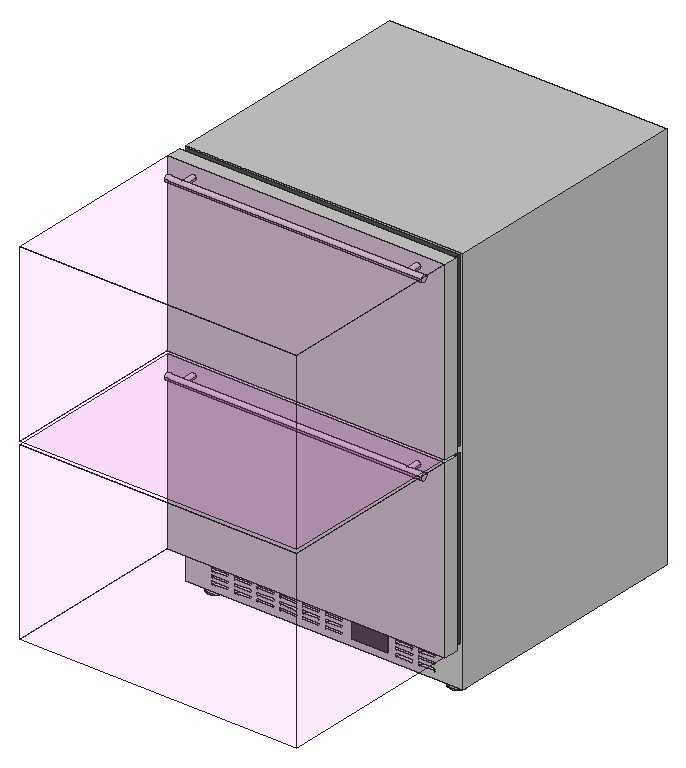
Revit family "Qf_Summit_SPR627OS2D_24 inches Wide 2-Drawer All-Refrigerator", category Specialty Equipment, Revit 2020
Family settings
  Round Connector Dimension = Use Diameter
  Part Type = Normal
  Work Plane-Based = No
  Always vertical = Yes
  Cut with Voids When Loaded = No
  Shared = No
  Room Calculation Point = No
Parameters
  Weight in Pounds = 106
  Watts = 0 W
  Volts = 115 V
  URL Cutsheet = ""
  Specification by User = ""
  Specification by Manufacturer = ""
  Show Clearance [instance] = yes
  Serial Number = ""
  Seismic Rating = ""
  SMACNA No = ""
  Revision Code = ""
  Refrigerant Volume = 0.00 kip
  Refrigerant Type = "R600a"
  Phase = 1
  Number of Poles = 1
  NAFEM Spec ID Number = ""
  Model = "SPR627OS2D"
  Min Ckt Ampacity = 0 A
  Max Overcurrent Protection = 0 A
  Masterspec = ""
  Manufacturer = "Summit"
  Length = 23 5/8"
  Item Number = ""
  Installed By = ""
  Identify Quantity as Lot = yes
  Height = 34"
  HP = ""
  Furnished By = ""
  Foodservice Equipment Identifier = yes
  FL Amps = 0.8 A
  Electrical Remarks = ""
  Electric Connection Type = ""
  Elec Conn RI Height = 0"
  Elec Conn Connection Height = 0"
  Description = "24\" Wide 2-Drawer All-Refrigerator"
  Depth = 23 5/8"
  Default Elevation = 0"
  Cycle = 60 Hz
  Conn Plug = ""
  Conn Conduit = yes
  CSI MasterFormat = ""
  Apparent Power = if(Phase = 3, Volts * FL Amps * 1.73, Volts * FL Amps)  # 92 VA
Reference planes (in)
  plane 1: z = 0
  plane 2 "LEFT": x = 0
  plane 3 "RIGHT": x = 23.625
  plane 4 "FRONT": y = -24.375
  plane 5 "TOP": z = 34
  plane 6 "Center Y": x = 11.8125
  plane 7 "Center X": y = -12.5625
  plane 8 "BACK": y = -0.75
  plane 9: z = 0.75
  plane 10: z = 4
  plane 11: z = 18.875
  plane 12: z = 19.125
  plane 13: y = -22.5
  plane 14: y = -25.75
  plane 15: y = -25.25
  plane 16: z = 33.375
  plane 17: y = -40.125
  plane 18: y = -38.875
Forms (in)
  Extrusion 1, solid, material "QF_Metal_Stainless_Polished"
    sketch origin (22.75, 0, -0.25) x (0, 1, 0) y (0, 0, 1)
      loop
        circle (-25.5, 33.375) r 0.25
    from -21.875 to 0
  Extrusion 2, solid, material "QF_Metal_Stainless_Polished"
    sketch origin (0, -0.75, 0) x (1, 0, 0) y (0, 0, 1)
      loop
        circle (2.1875, 33.125) r 0.21875
      loop
        circle (21.3125, 33.125) r 0.21875
    from 23.625 to 24.77676
  Extrusion 3, solid, material "QF_Metal_Stainless_Polished"
    sketch origin (22.75, 0, -15.375) x (0, 1, 0) y (0, 0, 1)
      loop
        circle (-25.5, 33.375) r 0.25
    from -21.875 to 0
  Extrusion 4, solid, material "QF_Metal_Stainless_Polished"
    sketch origin (0, -0.75, -15.125) x (1, 0, 0) y (0, 0, 1)
      loop
        circle (2.1875, 33.125) r 0.21705
      loop
        circle (21.3125, 33.125) r 0.21875
    from 23.625 to 24.76489
  Extrusion 5, solid, material "QF_Metal_Stainless_Polished"
    sketch origin (0, 0, 0) x (1, 0, 0) y (0, 1, 0)
      loop
        line (0, -0.75) -> (0, -22.5) -> (23.625, -22.5) -> (23.625, -0.75) -> (0, -0.75)
    from 0.75 to 34
  Extrusion 6, solid, material "QF_Plastic - Black - Matte"
    sketch origin (0, 0, 0) x (1, 0, 0) y (0, 1, 0)
      loop
        line (0.25, -22.5) -> (0.25, -23.125) -> (23.375, -23.125) -> (23.375, -22.5) -> (0.25, -22.5)
    from 4.15376 to 18.767
  Extrusion 7, solid, material "QF_Metal_Stainless_Polished"
    sketch origin (0, 0, 0) x (1, 0, 0) y (0, 1, 0)
      loop
        line (23.625, -23.125) -> (0, -23.125) -> (0, -24.375) -> (23.625, -24.375) -> (23.625, -23.125)
    from 19.125 to 34
  Extrusion 8, solid, material "QF_Metal_Stainless_Polished"
    sketch origin (0, 0, -18.375) x (1, 0, 0) y (0, 1, 0)
      loop
        line (23.625, -23.125) -> (0, -23.125) -> (0, -24.375) -> (23.625, -24.375) -> (23.625, -23.125)
    from 22.375 to 37.25
  Extrusion 9, solid, material "QF_Plastic - Black - Matte"
    sketch origin (0, 0, 15.125) x (1, 0, 0) y (0, 1, 0)
      loop
        line (0.25, -22.5) -> (0.25, -23.125) -> (23.375, -23.125) -> (23.375, -22.5) -> (0.25, -22.5)
    from 4.13433 to 18.767
  Extrusion 10, void
    sketch origin (23.625, -22.5, 0) x (1, 0, 0) y (0, 0, -1)
      loop
        line (-21.25, -3.5625) -> (-20, -3.5625)
        arc (-20, -3.5625) -> (-19.875, -3.4375) -> (-20, -3.3125) r 0.125
        line (-20, -3.3125) -> (-21.25, -3.3125)
        arc (-21.25, -3.3125) -> (-21.375, -3.4375) -> (-21.25, -3.5625) r 0.125
      loop
        line (-21.25, -3.0625) -> (-20, -3.0625)
        arc (-20, -3.0625) -> (-19.875, -2.9375) -> (-20, -2.8125) r 0.125
        line (-20, -2.8125) -> (-21.25, -2.8125)
        arc (-21.25, -2.8125) -> (-21.375, -2.9375) -> (-21.25, -3.0625) r 0.125
      loop
        line (-21.25, -2.5625) -> (-20, -2.5625)
        arc (-20, -2.5625) -> (-19.875, -2.4375) -> (-20, -2.3125) r 0.125
        line (-20, -2.3125) -> (-21.25, -2.3125)
        arc (-21.25, -2.3125) -> (-21.375, -2.4375) -> (-21.25, -2.5625) r 0.125
      loop
        line (-21.25, -2.0625) -> (-20, -2.0625)
        arc (-20, -2.0625) -> (-19.875, -1.9375) -> (-20, -1.8125) r 0.125
        line (-20, -1.8125) -> (-21.25, -1.8125)
        arc (-21.25, -1.8125) -> (-21.375, -1.9375) -> (-21.25, -2.0625) r 0.125
      loop
        line (-21.25, -1.5625) -> (-20, -1.5625)
        arc (-20, -1.5625) -> (-19.875, -1.4375) -> (-20, -1.3125) r 0.125
        line (-20, -1.3125) -> (-21.25, -1.3125)
        arc (-21.25, -1.3125) -> (-21.375, -1.4375) -> (-21.25, -1.5625) r 0.125
      loop
        line (-19.3125, -3.5625) -> (-18.0625, -3.5625)
        arc (-18.0625, -3.5625) -> (-17.9375, -3.4375) -> (-18.0625, -3.3125) r 0.125
        line (-18.0625, -3.3125) -> (-19.3125, -3.3125)
        arc (-19.3125, -3.3125) -> (-19.4375, -3.4375) -> (-19.3125, -3.5625) r 0.125
      loop
        line (-19.3125, -3.0625) -> (-18.0625, -3.0625)
        arc (-18.0625, -3.0625) -> (-17.9375, -2.9375) -> (-18.0625, -2.8125) r 0.125
        line (-18.0625, -2.8125) -> (-19.3125, -2.8125)
        arc (-19.3125, -2.8125) -> (-19.4375, -2.9375) -> (-19.3125, -3.0625) r 0.125
      loop
        line (-19.3125, -2.5625) -> (-18.0625, -2.5625)
        arc (-18.0625, -2.5625) -> (-17.9375, -2.4375) -> (-18.0625, -2.3125) r 0.125
        line (-18.0625, -2.3125) -> (-19.3125, -2.3125)
        arc (-19.3125, -2.3125) -> (-19.4375, -2.4375) -> (-19.3125, -2.5625) r 0.125
      loop
        line (-19.3125, -2.0625) -> (-18.0625, -2.0625)
        arc (-18.0625, -2.0625) -> (-17.9375, -1.9375) -> (-18.0625, -1.8125) r 0.125
        line (-18.0625, -1.8125) -> (-19.3125, -1.8125)
        arc (-19.3125, -1.8125) -> (-19.4375, -1.9375) -> (-19.3125, -2.0625) r 0.125
      loop
        line (-19.3125, -1.5625) -> (-18.0625, -1.5625)
        arc (-18.0625, -1.5625) -> (-17.9375, -1.4375) -> (-18.0625, -1.3125) r 0.125
        line (-18.0625, -1.3125) -> (-19.3125, -1.3125)
        arc (-19.3125, -1.3125) -> (-19.4375, -1.4375) -> (-19.3125, -1.5625) r 0.125
      loop
        line (-17.375, -3.5625) -> (-16.125, -3.5625)
        arc (-16.125, -3.5625) -> (-16, -3.4375) -> (-16.125, -3.3125) r 0.125
        line (-16.125, -3.3125) -> (-17.375, -3.3125)
        arc (-17.375, -3.3125) -> (-17.5, -3.4375) -> (-17.375, -3.5625) r 0.125
      loop
        line (-17.375, -3.0625) -> (-16.125, -3.0625)
        arc (-16.125, -3.0625) -> (-16, -2.9375) -> (-16.125, -2.8125) r 0.125
        line (-16.125, -2.8125) -> (-17.375, -2.8125)
        arc (-17.375, -2.8125) -> (-17.5, -2.9375) -> (-17.375, -3.0625) r 0.125
      loop
        line (-17.375, -2.5625) -> (-16.125, -2.5625)
        arc (-16.125, -2.5625) -> (-16, -2.4375) -> (-16.125, -2.3125) r 0.125
        line (-16.125, -2.3125) -> (-17.375, -2.3125)
        arc (-17.375, -2.3125) -> (-17.5, -2.4375) -> (-17.375, -2.5625) r 0.125
      loop
        line (-17.375, -2.0625) -> (-16.125, -2.0625)
        arc (-16.125, -2.0625) -> (-16, -1.9375) -> (-16.125, -1.8125) r 0.125
        line (-16.125, -1.8125) -> (-17.375, -1.8125)
        arc (-17.375, -1.8125) -> (-17.5, -1.9375) -> (-17.375, -2.0625) r 0.125
      loop
        line (-17.375, -1.5625) -> (-16.125, -1.5625)
        arc (-16.125, -1.5625) -> (-16, -1.4375) -> (-16.125, -1.3125) r 0.125
        line (-16.125, -1.3125) -> (-17.375, -1.3125)
        arc (-17.375, -1.3125) -> (-17.5, -1.4375) -> (-17.375, -1.5625) r 0.125
      loop
        line (-15.4375, -3.5625) -> (-14.1875, -3.5625)
        arc (-14.1875, -3.5625) -> (-14.0625, -3.4375) -> (-14.1875, -3.3125) r 0.125
        line (-14.1875, -3.3125) -> (-15.4375, -3.3125)
        arc (-15.4375, -3.3125) -> (-15.5625, -3.4375) -> (-15.4375, -3.5625) r 0.125
      loop
        line (-15.4375, -3.0625) -> (-14.1875, -3.0625)
        arc (-14.1875, -3.0625) -> (-14.0625, -2.9375) -> (-14.1875, -2.8125) r 0.125
        line (-14.1875, -2.8125) -> (-15.4375, -2.8125)
        arc (-15.4375, -2.8125) -> (-15.5625, -2.9375) -> (-15.4375, -3.0625) r 0.125
      loop
        line (-15.4375, -2.5625) -> (-14.1875, -2.5625)
        arc (-14.1875, -2.5625) -> (-14.0625, -2.4375) -> (-14.1875, -2.3125) r 0.125
        line (-14.1875, -2.3125) -> (-15.4375, -2.3125)
        arc (-15.4375, -2.3125) -> (-15.5625, -2.4375) -> (-15.4375, -2.5625) r 0.125
      loop
        line (-15.4375, -2.0625) -> (-14.1875, -2.0625)
        arc (-14.1875, -2.0625) -> (-14.0625, -1.9375) -> (-14.1875, -1.8125) r 0.125
        line (-14.1875, -1.8125) -> (-15.4375, -1.8125)
        arc (-15.4375, -1.8125) -> (-15.5625, -1.9375) -> (-15.4375, -2.0625) r 0.125
      loop
        line (-15.4375, -1.5625) -> (-14.1875, -1.5625)
        arc (-14.1875, -1.5625) -> (-14.0625, -1.4375) -> (-14.1875, -1.3125) r 0.125
        line (-14.1875, -1.3125) -> (-15.4375, -1.3125)
        arc (-15.4375, -1.3125) -> (-15.5625, -1.4375) -> (-15.4375, -1.5625) r 0.125
      loop
        line (-13.5, -3.5625) -> (-12.25, -3.5625)
        arc (-12.25, -3.5625) -> (-12.125, -3.4375) -> (-12.25, -3.3125) r 0.125
        line (-12.25, -3.3125) -> (-13.5, -3.3125)
        arc (-13.5, -3.3125) -> (-13.625, -3.4375) -> (-13.5, -3.5625) r 0.125
      loop
        line (-13.5, -3.0625) -> (-12.25, -3.0625)
        arc (-12.25, -3.0625) -> (-12.125, -2.9375) -> (-12.25, -2.8125) r 0.125
        line (-12.25, -2.8125) -> (-13.5, -2.8125)
        arc (-13.5, -2.8125) -> (-13.625, -2.9375) -> (-13.5, -3.0625) r 0.125
      loop
        line (-13.5, -2.5625) -> (-12.25, -2.5625)
        arc (-12.25, -2.5625) -> (-12.125, -2.4375) -> (-12.25, -2.3125) r 0.125
        line (-12.25, -2.3125) -> (-13.5, -2.3125)
        arc (-13.5, -2.3125) -> (-13.625, -2.4375) -> (-13.5, -2.5625) r 0.125
      loop
        line (-13.5, -2.0625) -> (-12.25, -2.0625)
        arc (-12.25, -2.0625) -> (-12.125, -1.9375) -> (-12.25, -1.8125) r 0.125
        line (-12.25, -1.8125) -> (-13.5, -1.8125)
        arc (-13.5, -1.8125) -> (-13.625, -1.9375) -> (-13.5, -2.0625) r 0.125
      loop
        line (-13.5, -1.5625) -> (-12.25, -1.5625)
        arc (-12.25, -1.5625) -> (-12.125, -1.4375) -> (-12.25, -1.3125) r 0.125
        line (-12.25, -1.3125) -> (-13.5, -1.3125)
        arc (-13.5, -1.3125) -> (-13.625, -1.4375) -> (-13.5, -1.5625) r 0.125
      loop
        line (-11.5625, -3.5625) -> (-10.3125, -3.5625)
        arc (-10.3125, -3.5625) -> (-10.1875, -3.4375) -> (-10.3125, -3.3125) r 0.125
        line (-10.3125, -3.3125) -> (-11.5625, -3.3125)
        arc (-11.5625, -3.3125) -> (-11.6875, -3.4375) -> (-11.5625, -3.5625) r 0.125
      loop
        line (-11.5625, -3.0625) -> (-10.3125, -3.0625)
        arc (-10.3125, -3.0625) -> (-10.1875, -2.9375) -> (-10.3125, -2.8125) r 0.125
        line (-10.3125, -2.8125) -> (-11.5625, -2.8125)
        arc (-11.5625, -2.8125) -> (-11.6875, -2.9375) -> (-11.5625, -3.0625) r 0.125
      loop
        line (-11.5625, -2.5625) -> (-10.3125, -2.5625)
        arc (-10.3125, -2.5625) -> (-10.1875, -2.4375) -> (-10.3125, -2.3125) r 0.125
        line (-10.3125, -2.3125) -> (-11.5625, -2.3125)
        arc (-11.5625, -2.3125) -> (-11.6875, -2.4375) -> (-11.5625, -2.5625) r 0.125
      loop
        line (-11.5625, -2.0625) -> (-10.3125, -2.0625)
        arc (-10.3125, -2.0625) -> (-10.1875, -1.9375) -> (-10.3125, -1.8125) r 0.125
        line (-10.3125, -1.8125) -> (-11.5625, -1.8125)
        arc (-11.5625, -1.8125) -> (-11.6875, -1.9375) -> (-11.5625, -2.0625) r 0.125
      loop
        line (-11.5625, -1.5625) -> (-10.3125, -1.5625)
        arc (-10.3125, -1.5625) -> (-10.1875, -1.4375) -> (-10.3125, -1.3125) r 0.125
        line (-10.3125, -1.3125) -> (-11.5625, -1.3125)
        arc (-11.5625, -1.3125) -> (-11.6875, -1.4375) -> (-11.5625, -1.5625) r 0.125
      loop
        line (-5.5625, -3.5625) -> (-4.3125, -3.5625)
        arc (-4.3125, -3.5625) -> (-4.1875, -3.4375) -> (-4.3125, -3.3125) r 0.125
        line (-4.3125, -3.3125) -> (-5.5625, -3.3125)
        arc (-5.5625, -3.3125) -> (-5.6875, -3.4375) -> (-5.5625, -3.5625) r 0.125
      loop
        line (-5.5625, -3.0625) -> (-4.3125, -3.0625)
        arc (-4.3125, -3.0625) -> (-4.1875, -2.9375) -> (-4.3125, -2.8125) r 0.125
        line (-4.3125, -2.8125) -> (-5.5625, -2.8125)
        arc (-5.5625, -2.8125) -> (-5.6875, -2.9375) -> (-5.5625, -3.0625) r 0.125
      loop
        line (-5.5625, -2.5625) -> (-4.3125, -2.5625)
        arc (-4.3125, -2.5625) -> (-4.1875, -2.4375) -> (-4.3125, -2.3125) r 0.125
        line (-4.3125, -2.3125) -> (-5.5625, -2.3125)
        arc (-5.5625, -2.3125) -> (-5.6875, -2.4375) -> (-5.5625, -2.5625) r 0.125
      loop
        line (-5.5625, -2.0625) -> (-4.3125, -2.0625)
        arc (-4.3125, -2.0625) -> (-4.1875, -1.9375) -> (-4.3125, -1.8125) r 0.125
        line (-4.3125, -1.8125) -> (-5.5625, -1.8125)
        arc (-5.5625, -1.8125) -> (-5.6875, -1.9375) -> (-5.5625, -2.0625) r 0.125
      loop
        line (-5.5625, -1.5625) -> (-4.3125, -1.5625)
        arc (-4.3125, -1.5625) -> (-4.1875, -1.4375) -> (-4.3125, -1.3125) r 0.125
        line (-4.3125, -1.3125) -> (-5.5625, -1.3125)
        arc (-5.5625, -1.3125) -> (-5.6875, -1.4375) -> (-5.5625, -1.5625) r 0.125
      loop
        line (-3.625, -3.5625) -> (-2.375, -3.5625)
        arc (-2.375, -3.5625) -> (-2.25, -3.4375) -> (-2.375, -3.3125) r 0.125
        line (-2.375, -3.3125) -> (-3.625, -3.3125)
        arc (-3.625, -3.3125) -> (-3.75, -3.4375) -> (-3.625, -3.5625) r 0.125
      loop
        line (-3.625, -3.0625) -> (-2.375, -3.0625)
        arc (-2.375, -3.0625) -> (-2.25, -2.9375) -> (-2.375, -2.8125) r 0.125
        line (-2.375, -2.8125) -> (-3.625, -2.8125)
        arc (-3.625, -2.8125) -> (-3.75, -2.9375) -> (-3.625, -3.0625) r 0.125
      loop
        line (-3.625, -2.5625) -> (-2.375, -2.5625)
        arc (-2.375, -2.5625) -> (-2.25, -2.4375) -> (-2.375, -2.3125) r 0.125
        line (-2.375, -2.3125) -> (-3.625, -2.3125)
        arc (-3.625, -2.3125) -> (-3.75, -2.4375) -> (-3.625, -2.5625) r 0.125
      loop
        line (-3.625, -2.0625) -> (-2.375, -2.0625)
        arc (-2.375, -2.0625) -> (-2.25, -1.9375) -> (-2.375, -1.8125) r 0.125
        line (-2.375, -1.8125) -> (-3.625, -1.8125)
        arc (-3.625, -1.8125) -> (-3.75, -1.9375) -> (-3.625, -2.0625) r 0.125
      loop
        line (-3.625, -1.5625) -> (-2.375, -1.5625)
        arc (-2.375, -1.5625) -> (-2.25, -1.4375) -> (-2.375, -1.3125) r 0.125
        line (-2.375, -1.3125) -> (-3.625, -1.3125)
        arc (-3.625, -1.3125) -> (-3.75, -1.4375) -> (-3.625, -1.5625) r 0.125
    from 0 to 0.9736
  Extrusion 11, solid, material "QF_Plastic - Black - Matte"
    sketch origin (23.625, -22.5, 0) x (-1, 0, 0) y (0, 0, -1)
      loop
        line (9.40625, -2.625) -> (9.40625, -1.3125) -> (6.375, -1.3125) -> (6.375, -2.625) -> (9.40625, -2.625)
    from 0 to 0.03125
  Extrusion 12, solid, material "QF_Clearances_Door_Drawer"
    sketch origin (0, 0, 0) x (1, 0, 0) y (0, 1, 0)
      loop
        line (0, -24.375) -> (0, -40.125) -> (23.625, -40.125) -> (23.625, -24.375) -> (0, -24.375)
    from 4 to 18.875
  Extrusion 13, solid, material "QF_Metal_Stainless_Polished"
    sketch origin (0, -0.75, 0) x (1, 0, 0) y (0, 0, 1)
      loop
        circle (20.625, 2) r 0.25
    from 0 to -0.15059
  Extrusion 14, solid, material "QF_Clearances_Door_Drawer"
    sketch origin (0, 0, 15.125) x (1, 0, 0) y (0, 1, 0)
      loop
        line (0, -24.375) -> (0, -40.125) -> (23.625, -40.125) -> (23.625, -24.375) -> (0, -24.375)
    from 4 to 18.875
  Revolve 15, solid
    sketch origin (0, -2.125, 0) x (1, 0, 0) y (0, 0, 1)
      loop
        arc (1.84549, 0.4375) -> (1.86636, 0.44614) -> (1.875, 0.46701) r 0.02951
        line (1.875, 0.46701) -> (1.875, 0.53254)
        arc (1.875, 0.53254) -> (1.86622, 0.55372) -> (1.84504, 0.5625) r 0.02996
        line (1.84504, 0.5625) -> (1.75, 0.5625) -> (1.75, 0.75) -> (1.5, 0.75) -> (1.5, 0) -> (2.18887, 0)
        arc (2.18887, 0) -> (2.23209, 0.01791) -> (2.25, 0.06113) r 0.06113
        line (2.25, 0.06113) -> (2.25, 0.37519)
        arc (2.25, 0.37519) -> (2.23175, 0.41925) -> (2.18769, 0.4375) r 0.06231
        line (2.18769, 0.4375) -> (1.84549, 0.4375)
      axis (1.5, 0) -> (1.5, 0.75)
    angle from 0 to 360
  Revolve 16, solid
    sketch origin (23.625, -2.125, 0) x (-1, 0, 0) y (0, 0, 1)
      loop
        arc (1.84549, 0.4375) -> (1.86636, 0.44614) -> (1.875, 0.46701) r 0.02951
        line (1.875, 0.46701) -> (1.875, 0.53254)
        arc (1.875, 0.53254) -> (1.86622, 0.55372) -> (1.84504, 0.5625) r 0.02996
        line (1.84504, 0.5625) -> (1.75, 0.5625) -> (1.75, 0.75) -> (1.5, 0.75) -> (1.5, 0) -> (2.18887, 0)
        arc (2.18887, 0) -> (2.23209, 0.01791) -> (2.25, 0.06113) r 0.06113
        line (2.25, 0.06113) -> (2.25, 0.37519)
        arc (2.25, 0.37519) -> (2.23175, 0.41925) -> (2.18769, 0.4375) r 0.06231
        line (2.18769, 0.4375) -> (1.84549, 0.4375)
      axis (1.5, 0) -> (1.5, 0.75)
    angle from 0 to 360
  Revolve 17, solid
    sketch origin (0, -21.125, 0) x (1, 0, 0) y (0, 0, 1)
      loop
        arc (1.84549, 0.4375) -> (1.86636, 0.44614) -> (1.875, 0.46701) r 0.02951
        line (1.875, 0.46701) -> (1.875, 0.53254)
        arc (1.875, 0.53254) -> (1.86622, 0.55372) -> (1.84504, 0.5625) r 0.02996
        line (1.84504, 0.5625) -> (1.75, 0.5625) -> (1.75, 0.75) -> (1.5, 0.75) -> (1.5, 0) -> (2.18887, 0)
        arc (2.18887, 0) -> (2.23209, 0.01791) -> (2.25, 0.06113) r 0.06113
        line (2.25, 0.06113) -> (2.25, 0.37519)
        arc (2.25, 0.37519) -> (2.23175, 0.41925) -> (2.18769, 0.4375) r 0.06231
        line (2.18769, 0.4375) -> (1.84549, 0.4375)
      axis (1.5, 0) -> (1.5, 0.75)
    angle from 0 to 360
  Revolve 18, solid
    sketch origin (23.625, -21.125, 0) x (-1, 0, 0) y (0, 0, 1)
      loop
        arc (1.84549, 0.4375) -> (1.86636, 0.44614) -> (1.875, 0.46701) r 0.02951
        line (1.875, 0.46701) -> (1.875, 0.53254)
        arc (1.875, 0.53254) -> (1.86622, 0.55372) -> (1.84504, 0.5625) r 0.02996
        line (1.84504, 0.5625) -> (1.75, 0.5625) -> (1.75, 0.75) -> (1.5, 0.75) -> (1.5, 0) -> (2.18887, 0)
        arc (2.18887, 0) -> (2.23209, 0.01791) -> (2.25, 0.06113) r 0.06113
        line (2.25, 0.06113) -> (2.25, 0.37519)
        arc (2.25, 0.37519) -> (2.23175, 0.41925) -> (2.18769, 0.4375) r 0.06231
        line (2.18769, 0.4375) -> (1.84549, 0.4375)
      axis (1.5, 0) -> (1.5, 0.75)
    angle from 0 to 360
Cuts and joins
  Extrusion 10 cuts Extrusion 5
  Extrusion 10 cuts Extrusion 7
  joined: Extrusion 5, Extrusion 7
Lines and regions (in)
  Split face 1
    outline origin (23.625, -22.53125, 0) x (-1, 0, 0) y (0, 0, -1)
      loop
        line (8.47236, -2.32329) -> (8.47236, -1.57329) -> (6.82401, -1.57329) -> (6.82401, -2.32329) -> (8.47236, -2.32329)
  symbolic lines, style "QF_Clearances_Door_Drawer"
    curve 1: line (0, -24.375, 0) -> (0, -40.125, 0)
    curve 2: line (0, -40.125, 0) -> (23.625, -40.125, 0)
    curve 3: line (23.625, -40.125, 0) -> (23.625, -24.375, 0)
  symbolic lines
    curve 4: line (0, -0.75, 0) -> (23.625, -0.75, 0)
    curve 5: line (0, -22.5, 0) -> (0, -0.75, 0)
    curve 6: line (23.625, -22.5, 0) -> (0, -22.5, 0)
    curve 7: line (23.625, -0.75, 0) -> (23.625, -22.5, 0)
    curve 8: line (0, -23.125, 0) -> (23.625, -23.125, 0)
    curve 9: line (0, -24.375, 0) -> (0, -23.125, 0)
    curve 10: line (23.625, -24.375, 0) -> (0, -24.375, 0)
    curve 11: line (23.625, -23.125, 0) -> (23.625, -24.375, 0)
    curve 12: line (0.875, -25.25, 0) -> (22.75, -25.25, 0)
    curve 13: line (0.875, -25.75, 0) -> (0.875, -25.25, 0)
    curve 14: line (22.75, -25.75, 0) -> (0.875, -25.75, 0)
    curve 15: line (22.75, -25.25, 0) -> (22.75, -25.75, 0)
    curve 16: line (21.52167, -25.25, 0) -> (21.52167, -24.375, 0)
    curve 17: line (21.09805, -24.375, 0) -> (21.09805, -25.25, 0)
    curve 18: line (1.97833, -25.25, 0) -> (1.97833, -24.375, 0)
    curve 19: line (2.40195, -24.375, 0) -> (2.40195, -25.25, 0)
    curve 20: line (0.25, -22.5, 0) -> (0.25, -23.125, 0)
    curve 21: line (23.375, -22.5, 0) -> (23.375, -23.125, 0)
Dimensions and locks (in)
  equal spacing: plane 2 "LEFT", plane 6 "Center Y", plane 3 "RIGHT"
  "Length": plane 2 "LEFT" to plane 3 "RIGHT"
  equal spacing: plane 4 "FRONT", plane 7 "Center X", plane 8 "BACK"
  "Height": plane 5 "TOP" to level
  plane 3 "RIGHT" to plane 2 "LEFT" = 23 5/8"
  plane 5 "TOP" to level = 34"
  "Depth": plane 4 "FRONT" to plane 8 "BACK"
  plane 9 to level = 3/4"
  plane 8 "BACK" to plane 13 = 21 3/4"
  plane 14 to plane 4 "FRONT" = 1 3/8"
  plane 18 to plane 13 = 16 3/8"
  plane 17 to plane 8 "BACK" = 39 3/8"
  aligned and locked: level to plane 1
  aligned and locked: plane 17 to Extrusion 12
Automatic sketch dimensions
  curve 1 to plane 2 "LEFT" = 0"
  curve 4 to plane 2 "LEFT" = 0"
  curve 20 to plane 13 = 0"
  plane 14 to curve 14 = 0"
  curve 12 to plane 15 = 0"
  plane 4 "FRONT" to curve 18 = 0"
  curve 11 to plane 3 "RIGHT" = 0"
  curve 7 to plane 3 "RIGHT" = 0"
  plane 17 to curve 1 = 0"
  plane 8 "BACK" to curve 7 = 0"
  plane 2 "LEFT" to curve 14 = 7/8"
  plane 3 "RIGHT" to curve 14 = 7/8"
  curve 11 to plane 13 = 5/8"
  plane 2 "LEFT" to curve 20 = 1/4"
  curve 12 to curve 18 = 1.10333"
  curve 18 to curve 19 = 0.42362"
  curve 17 to curve 12 = 1.65195"
  curve 17 to curve 16 = 0.42362"
  curve 21 to curve 6 = 1/4"
  Extrusion 1 sketch curve to plane 14 = 1/4"
  Extrusion 1 sketch curve to plane 16 = 1/4"
  Extrusion 3 sketch curve to plane 14 = 1/4"
  plane 11 to Extrusion 3 sketch curve = 7/8"
  plane 11 to Extrusion 4 sketch curve = 7/8"  (x2)
  plane 2 "LEFT" to Extrusion 4 sketch curve = 2 3/16"
  plane 3 "RIGHT" to Extrusion 4 sketch curve = 2 5/16"
  Extrusion 5 sketch curve to plane 2 "LEFT" = 0"
  Extrusion 5 sketch curve to plane 3 "RIGHT" = 0"
  Extrusion 5 sketch curve to plane 13 = 0"
  plane 8 "BACK" to Extrusion 5 sketch curve = 0"
  Extrusion 6 sketch curve to plane 13 = 0"
  plane 2 "LEFT" to Extrusion 6 sketch curve = 1/4"
  plane 3 "RIGHT" to Extrusion 6 sketch curve = 1/4"
  Extrusion 6 sketch curve to plane 13 = 5/8"
  Extrusion 7 sketch curve to plane 2 "LEFT" = 0"
  Extrusion 7 sketch curve to plane 3 "RIGHT" = 0"
  plane 4 "FRONT" to Extrusion 7 sketch curve = 0"
  Extrusion 7 sketch curve to plane 13 = 5/8"
  Extrusion 8 sketch curve to plane 2 "LEFT" = 0"
  Extrusion 8 sketch curve to plane 3 "RIGHT" = 0"
  plane 4 "FRONT" to Extrusion 8 sketch curve = 0"
  Extrusion 8 sketch curve to plane 13 = 5/8"
  Extrusion 9 sketch curve to plane 13 = 0"
  plane 2 "LEFT" to Extrusion 9 sketch curve = 1/4"
  plane 3 "RIGHT" to Extrusion 9 sketch curve = 1/4"
  Extrusion 9 sketch curve to plane 13 = 5/8"
  Extrusion 10 sketch curve to Extrusion 5 = 2 3/8"
  Extrusion 10 sketch curve to Extrusion 5 = 11/16"  (x2)
  Extrusion 10 sketch curve to Extrusion 10 sketch curve = 0"  (x63)
  Extrusion 10 sketch curve to Extrusion 10 sketch curve = 1 1/4"  (x8)
  Extrusion 10 sketch curve to Extrusion 10 sketch curve = 11/16"  (x12)
  Extrusion 10 sketch curve to Extrusion 5 = 2 13/16"  (x2)
  Extrusion 10 sketch curve to Extrusion 10 sketch curve = 4 3/4"
  Extrusion 10 sketch curve to Extrusion 10 sketch curve = 2 1/8"
  Extrusion 10 sketch curve to Extrusion 10 sketch curve = 1/8"  (x40)
  Extrusion 10 sketch curve to Extrusion 10 sketch curve = 1/4"  (x30)
  Extrusion 5 to Extrusion 11 sketch curve = 1 7/8"
  Extrusion 11 sketch curve to Extrusion 5 = 6 3/8"
  Extrusion 5 to Extrusion 11 sketch curve = 9/16"
  Extrusion 11 sketch curve to Extrusion 11 sketch curve = 3 1/32"
  Extrusion 12 sketch curve to plane 2 "LEFT" = 0"
  Extrusion 12 sketch curve to plane 3 "RIGHT" = 0"
  plane 17 to Extrusion 12 sketch curve = 0"
  plane 4 "FRONT" to Extrusion 12 sketch curve = 0"
  Extrusion 14 sketch curve to plane 2 "LEFT" = 0"
  Extrusion 14 sketch curve to plane 3 "RIGHT" = 0"
  plane 17 to Extrusion 14 sketch curve = 0"
  plane 4 "FRONT" to Extrusion 14 sketch curve = 0"
  Revolve 15 sketch curve to plane 9 = 0"  (x2)
  Revolve 15 sketch curve to level = 0"
  plane 2 "LEFT" to Revolve 15 sketch curve = 1 1/2"
  plane 9 to Revolve 15 sketch curve = 3/16"
  Revolve 15 sketch curve to Revolve 15 sketch curve = 1/4"  (x2)
  Revolve 15 sketch curve to Revolve 15 sketch curve = 0.09504"
  Revolve 15 sketch curve to Revolve 15 sketch curve = 0.00045"
  Revolve 15 sketch curve to Revolve 15 sketch curve = 0.02996"
  Revolve 15 sketch curve to Revolve 15 sketch curve = 0.31269"
  Revolve 15 sketch curve to Revolve 15 sketch curve = 0.00117"
  Revolve 15 sketch curve to Revolve 15 sketch curve = 0.06113"
  Revolve 15 sketch curve to Revolve 15 sketch curve = 0.31406"
  Revolve 15 sketch curve to Revolve 15 sketch curve = 0"
  Revolve 16 sketch curve to plane 9 = 0"  (x2)
  Revolve 16 sketch curve to level = 0"
  Revolve 16 sketch curve to plane 3 "RIGHT" = 1 1/2"
  Revolve 16 sketch curve to plane 9 = 3/16"
  Revolve 16 sketch curve to Revolve 16 sketch curve = 1/4"  (x2)
  Revolve 16 sketch curve to Revolve 16 sketch curve = 0.09504"
  Revolve 16 sketch curve to Revolve 16 sketch curve = 0.00045"
  Revolve 16 sketch curve to Revolve 16 sketch curve = 0.02996"
  Revolve 16 sketch curve to Revolve 16 sketch curve = 0.31269"
  Revolve 16 sketch curve to Revolve 16 sketch curve = 0.00117"
  Revolve 16 sketch curve to Revolve 16 sketch curve = 0.06113"
  Revolve 16 sketch curve to Revolve 16 sketch curve = 0.31406"
  Revolve 16 sketch curve to Revolve 16 sketch curve = 0"
  Revolve 17 sketch curve to plane 9 = 0"  (x2)
  Revolve 17 sketch curve to level = 0"
  plane 2 "LEFT" to Revolve 17 sketch curve = 1 1/2"
  plane 9 to Revolve 17 sketch curve = 3/16"
  Revolve 17 sketch curve to Revolve 17 sketch curve = 1/4"  (x2)
  Revolve 17 sketch curve to Revolve 17 sketch curve = 0.09504"
  Revolve 17 sketch curve to Revolve 17 sketch curve = 0.00045"
  Revolve 17 sketch curve to Revolve 17 sketch curve = 0.02996"
  Revolve 17 sketch curve to Revolve 17 sketch curve = 0.31269"
  Revolve 17 sketch curve to Revolve 17 sketch curve = 0.00117"
  Revolve 17 sketch curve to Revolve 17 sketch curve = 0.06113"
  Revolve 17 sketch curve to Revolve 17 sketch curve = 0.31406"
  Revolve 17 sketch curve to Revolve 17 sketch curve = 0"
  Revolve 18 sketch curve to plane 9 = 0"  (x2)
  Revolve 18 sketch curve to level = 0"
  Revolve 18 sketch curve to plane 3 "RIGHT" = 1 1/2"
  Revolve 18 sketch curve to plane 9 = 3/16"
  Revolve 18 sketch curve to Revolve 18 sketch curve = 1/4"  (x2)
  Revolve 18 sketch curve to Revolve 18 sketch curve = 0.09504"
  Revolve 18 sketch curve to Revolve 18 sketch curve = 0.00045"
  Revolve 18 sketch curve to Revolve 18 sketch curve = 0.02996"
  Revolve 18 sketch curve to Revolve 18 sketch curve = 0.31269"
  Revolve 18 sketch curve to Revolve 18 sketch curve = 0.00117"
  Revolve 18 sketch curve to Revolve 18 sketch curve = 0.06113"
  Revolve 18 sketch curve to Revolve 18 sketch curve = 0.31406"
  Revolve 18 sketch curve to Revolve 18 sketch curve = 0"
  Split face 1 sketch curve to Extrusion 11 = 0.44901"
  Split face 1 sketch curve to Extrusion 11 = 0.26079"
  Split face 1 sketch curve to Extrusion 11 = 0.93389"
  Split face 1 sketch curve to Extrusion 11 = 0.30171"
  radius of Extrusion 1 sketch curve = 1/4"
  radius of Extrusion 3 sketch curve = 1/4"
  radius of Extrusion 4 sketch curve = 0.21705"
  radius of Extrusion 4 sketch curve = 7/32"
Connectors (in)
  electrical at (20.625, -0.59941, 2), driven by "Volts", driven by "Apparent Power"
    settings: on Extrusion 13, index 1, voltage 115 V, apparent load 0 VA, apparent load phase1 92 VA, apparent load phase2 0 VA, apparent load phase3 0 VA, power factor 1, load classification "Other", number of poles 1, system type 31, power factor state 1, is connector primary yes, connector utility no, sub classification motor no, connector description "Electrical Inlet"
